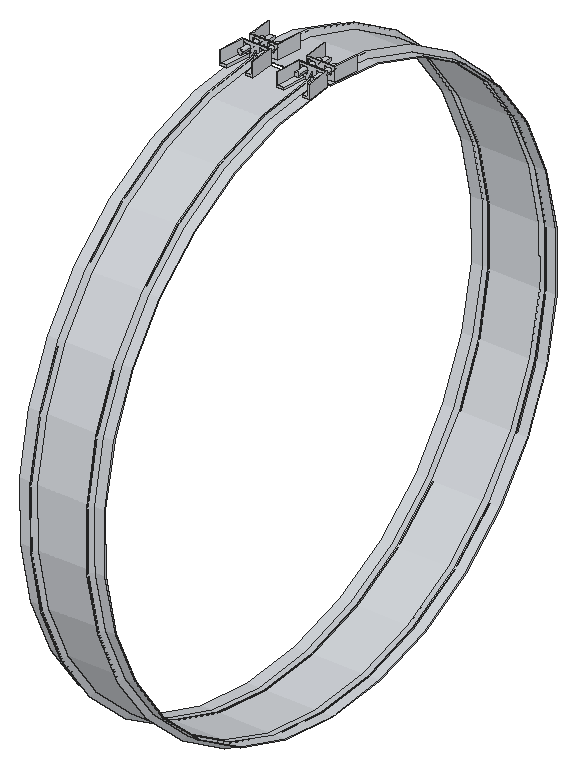
Revit family
Parameters (values of type "DW24DWCLASY-3")
  WALLTHICK = 9/256"  # constant formula
  OD = 30 1/2"
  Model = "DW24DWCLASY-3"
  Manufacturer = "CaptiveAire"
  HALF_ANGLE = 61.813° / 2  # 30.9065°
  Description = "24\" Duct Double Double V Band Horizontal"
  DUCTRAD = DUCTINSIDERAD + 5/16"  # 15 135/256"
  DUCTINSIDERAD = (OD / 2) - 9" / 256  # 15 55/256"
  61.813 = 61.813°  # constant formula
  WIDTH = 4 139/256"  # constant formula
  0 = 0"  # constant formula
  .75 = 3/4"  # constant formula
  .3 = 77/256"  # constant formula
Types (14): name | OD | Model | Description | DUCTRAD | DUCTINSIDERAD
  (no name) | 30 1/2" | "DW24DWCLASY-3" | "24\" Duct Double Double V Band Horizontal" | 15 135/256" | 15 55/256"
  DW08DWCLASY-2 | 12 1/2" | "DW08DWCLASY-2" | "8\" Duct Double Double V Band Horizontal" | 6 135/256" | 6 55/256"
  DW10DWCLASY-2 | 14 1/2" | "DW10DWCLASY-2" | "10\" Duct Double Double V Band Horizontal" | 7 135/256" | 7 55/256"
  DW12DWCLASY-2 | 16 1/2" | "DW12DWCLASY-2" | "12\" Duct Double Double V Band Horizontal" | 8 135/256" | 8 55/256"
  DW14DWCLASY-2 | 18 1/2" | "DW14DWCLASY-2" | "14\" Duct Double Double V Band Horizontal" | 9 135/256" | 9 55/256"
  DW16DWCLASY-2 | 20 1/2" | "DW16DWCLASY-2" | "16\" Duct Double Double V Band Horizontal" | 10 135/256" | 10 55/256"
  DW08DWCLASY-3 | 14 1/2" | "DW08DWCLASY-3" | "8\" Duct Double Double V Band Horizontal" | 7 135/256" | 7 55/256"
  DW10DWCLASY-3 | 16 1/2" | "DW10DWCLASY-3" | "10\" Duct Double Double V Band Horizontal" | 8 135/256" | 8 55/256"
  DW12DWCLASY-3 | 18 1/2" | "DW12DWCLASY-3" | "12\" Duct Double Double V Band Horizontal" | 9 135/256" | 9 55/256"
  DW14DWCLASY-3 | 20 1/2" | "DW14DWCLASY-3" | "14\" Duct Double Double V Band Horizontal" | 10 135/256" | 10 55/256"
  DW16DWCLASY-3 | 22 1/2" | "DW16DWCLASY-3" | "16\" Duct Double Double V Band Horizontal" | 11 135/256" | 11 55/256"
  DW18DWCLASY-3 | 24 1/2" | "DW18DWCLASY-3" | "18\" Duct Double Double V Band Horizontal" | 12 135/256" | 12 55/256"
  DW20DWCLASY-3 | 26 1/2" | "DW20DWCLASY-3" | "20\" Duct Double Double V Band Horizontal" | 13 135/256" | 13 55/256"
  DW24DWCLASY-3 | 30 1/2" | "DW24DWCLASY-3" | "24\" Duct Double Double V Band Horizontal" | 15 135/256" | 15 55/256"
Reference planes (in)
  plane 1 "Center (Front/Back)": y = 0
  plane 2: z = 0.42354
  plane 3 "Center (Left/Right)": x = 1.65975
  plane 4: z = 15.63839
  plane 5: z = 15.95089
  plane 6: x = 0.90975
  plane 7: x = -2.13322
  plane 8: x = -2.88322
  plane 9: z = 15.68839
Forms (in)
  Revolve 1, solid
    sketch origin (2.08329, 0, -1.23621) x (0, 0, 1) y (-1, 0, 0)
      loop
        line (16.87459, 0.42354) -> (16.90975, 0.42354) -> (16.90975, 1.00751) -> (17.18709, 1.17354) -> (16.90975, 1.33957) -> (16.90975, 4.05048) -> (17.18709, 4.21651) -> (16.90975, 4.38254) -> (16.90975, 4.96651) -> (16.87459, 4.96651) -> (16.87459, 4.36261) -> (17.11865, 4.21651) -> (16.87459, 4.07041) -> (16.87459, 1.31964) -> (17.11865, 1.17354) -> (16.87459, 1.02744) -> (16.87459, 0.42354)
      axis (1.65975, 4.96651) -> (1.65975, 0.42354)
    angle from 0 to 359
Dimensions and locks (in)
  ".75": plane 8 to plane 7
  "WALLTHICK": Revolve 1 sketch curve to Revolve 1 sketch curve  (x5)
  "DUCTINSIDERAD": plane 4 to level
  "DUCTRAD": plane 5 to level
  "WIDTH": plane 3 "Center (Left/Right)" to plane 8
  ".75": plane 3 "Center (Left/Right)" to plane 6
  locked: plane 9 to plane 4 at 0.05
  "HALF_ANGLE": angle Revolve 1 sketch curve to plane 7
  "HALF_ANGLE": angle plane 7 to Revolve 1 sketch curve
  "HALF_ANGLE": angle plane 6 to Revolve 1 sketch curve
  "HALF_ANGLE": angle Revolve 1 sketch curve to plane 6
  aligned and locked: level to plane 2
  aligned and locked: Revolve 1 sketch curve to plane 4  (x3)
  aligned and locked: plane 5 to Revolve 1 sketch curve  (x2)
  aligned and locked: plane 6 to Revolve 1 sketch curve  (x2)
  aligned and locked: plane 8 to Revolve 1 sketch curve
  aligned and locked: plane 7 to Revolve 1 sketch curve
  aligned and locked: Revolve 1 sketch curve to Revolve 1 sketch curve  (x2)
  aligned and locked: nested 1 to plane 6
  aligned and locked: nested 2 to plane 7
  aligned and locked: nested 1 to plane 1 "Center (Front/Back)"
  aligned and locked: nested 2 to plane 1 "Center (Front/Back)"
  aligned and locked: nested 2 to plane 9
  aligned and locked: nested 1 to plane 9
Automatic sketch dimensions
  Revolve 1 sketch curve to level = 0"
  Revolve 1 sketch curve to plane 3 "Center (Left/Right)" = 0"
  plane 8 to Revolve 1 sketch curve = 1"
  Revolve 1 sketch curve to Revolve 1 sketch curve = 2 1/4"
Nested families (in)
  nested 1: "DWCLAMPBR-ASY" at (0.90975, -1.84472, 15.26484) x (0, 1, 0) z (0, 0, 1), type "DWCLAMPBR-ASY"
  nested 2: "DWCLAMPBR-ASY" at (-2.13322, -1.84472, 15.26484) x (0, 1, 0) z (0, 0, 1), type "DWCLAMPBR-ASY"
Definition of nested family "DWCLAMPBR-ASY"
  Parameters (values of type "DWCLAMPBR-ASY")
    Model = "DWCLAMPBR-ASY"
    Manufacturer = "CaptiveAire"
    Description = "CLAMP"
    Assembly Code = ""
  Reference planes (in)
    plane 1 "Center (Front/Back)": y = 0
    plane 2: z = 0.42354
    plane 3 "Center (Left/Right)": x = 1.84472
    plane 4: x = 2.09472
    plane 5: x = 1.59472
  Forms (in)
    Extrusion 1, solid
      sketch origin (1.54472, 0.3855, 0.42354) x (0, -1, 0) y (0, 0, 1)
        loop
          circle (-0.04143, 0.44048) r 0.125
        loop
          circle (0.81243, 0.44048) r 0.125
      from -1 to 0.5
  Dimensions and locks (in)
    locked: plane 4 to plane 3 "Center (Left/Right)" at 0.25
    locked: plane 5 to plane 3 "Center (Left/Right)" at 0.25
    aligned and locked: level to plane 2
    aligned and locked: nested 2 to plane 1 "Center (Front/Back)"
    aligned and locked: plane 1 "Center (Front/Back)" to nested 1
    aligned and locked: nested 2 to plane 5
    aligned and locked: nested 1 to plane 4
    aligned and locked: nested 2 to level
    aligned and locked: nested 1 to level
  Nested families (in)
    nested 1: "DWCLAMPBR" at (2.09472, 1.84472, 0) x (0, -1, 0) z (0, 0, 1), type "DW0812ADP"
    nested 2: "DWCLAMPBR" at (1.59472, -1.84472, 0) x (0, 1, 0) z (0, 0, 1), type "DW0812ADP"
  Definition of nested family "DWCLAMPBR"
    Parameters (values of type "DW2024ADP")
      Model = "DWCLAMPBR"
      Manufacturer = "CaptiveAire"
      Description = "DOUBLE WALL CLAMP"
      95.194 = 95.194°  # constant formula
      .375 = 3/8"  # constant formula
    Types (14): name | Model | Description
      (no name) | "DWCLAMPBR" | "DOUBLE WALL CLAMP"
      DW0812ADP | "DW0812ADP" | "8\" - 12\" Duct Adaptor"
      DW1012ADP | "DW1012ADP" | "10\"-12\" Duct Adaptor"
      DW1014ADP | "DW1014ADP" | "10\"-14\" Duct Adaptor"
      DW1214ADP | "DW1214ADP" | "12\"-14\" Duct Adaptor"
      DW1216ADP | "DW1216ADP" | "12\"-16\" Duct Adaptor"
      DW1218ADP | "DW1218ADP" | "12\"-18\" Duct Adaptor"
      DW1416ADP | "DW1416ADP" | "14\"-16\" Duct Adaptor"
      DW1418ADP | "DW1418ADP" | "14\"-18\" Duct Adaptor"
      DW1420ADP | "DW1420ADP" | "14\"-20\" Duct Adaptor"
      DW1620ADP | "DW1620ADP" | "16\"-20\" Duct Adaptor"
      DW1624ADP | "DW1624ADP" | "16\"-24\" Duct Adaptor"
      DW1824ADP | "DW1824ADP" | "18\"-24\" Duct Adaptor"
      DW2024ADP | "DWCLAMPBR" | "DOUBLE WALL CLAMP"
    Reference planes (in)
      plane 1 "Center (Front/Back)": y = 0
      plane 2: z = 0.42354
      plane 3 "Center (Left/Right)": x = 1.84472
      plane 4: x = 2.62474
      plane 5: x = 2.60222
      plane 6: y = 1.346
      plane 7: x = 1.0647
      plane 8: x = 1.08722
    Forms (in)
      Extrusion 1, solid
        sketch origin (0, 0, 0.42354) x (1, 0, 0) y (0, 1, 0)
          loop
            line (2.60222, 0) -> (2.72457, 1.346) -> (0.96487, 1.346) -> (1.08722, 0) -> (2.60222, 0)
        from 0 to 0.75
      Extrusion 2, void
        sketch origin (0, 0, 1.17354) x (0, 1, 0) y (1, 0, 0)
          loop
            line (0.05, 1.45922) -> (1.346, 1.34141) -> (1.346, 2.34803) -> (0.05, 2.23022) -> (0.05, 1.45922)
        from 0 to 0.75
      Extrusion 3, void
        sketch origin (0, 0, 1.17354) x (0, 1, 0) y (1, 0, 0)
          loop
            line (0.05, 1.45922) -> (0.05, 1.1403) -> (1.346, 1.02249) -> (1.346, 1.34141) -> (0.05, 1.45922)
          loop
            line (0.05, 2.23022) -> (1.346, 2.34803) -> (1.346, 2.66695) -> (0.05, 2.54914) -> (0.05, 2.23022)
        from 0 to 0.625
      Extrusion 4, void
        sketch origin (2.60222, 0, 0.42354) x (1, 0, 0) y (0, 0, -1)
          loop
            line (-1.3725, -0.63322) -> (-0.9975, -0.63322) -> (-0.9975, -0.25822) -> (-1.3725, -0.25822) -> (-1.3725, -0.63322)
          loop
            line (-0.97218, 0) -> (-0.7575, -0.46039) -> (-0.51271, 0) -> (-0.97218, 0)
          loop
            line (-0.1425, -0.63322) -> (-0.1425, -0.25822) -> (-0.5175, -0.25822) -> (-0.5175, -0.63322) -> (-0.1425, -0.63322)
        from 0 to 0.625
    Cuts and joins
      Extrusion 2, Extrusion 3, Extrusion 4 cuts Extrusion 1
    Dimensions and locks (in)
      equal spacing: plane 7, plane 3 "Center (Left/Right)", plane 4
      equal spacing: plane 8, plane 3 "Center (Left/Right)", plane 5
      plane 8 to plane 5 to plane 4 = 1.515" locked, 0.02252" locked
      ".375": Extrusion 1 to Extrusion 2 sketch curve  (x2)
      locked: plane 1 "Center (Front/Back)" to Extrusion 2 sketch curve at 0.05
      "95.194": angle Extrusion 1 sketch curve to Extrusion 1 sketch curve
      "95.194": angle plane 1 "Center (Front/Back)" to Extrusion 1 sketch curve
      aligned and locked: level to plane 2
      aligned and locked: Extrusion 1 to Extrusion 2 sketch curve
    Automatic sketch dimensions
      plane 6 to Extrusion 1 sketch curve = 0"
      plane 1 "Center (Front/Back)" to Extrusion 1 sketch curve = 0"
      Extrusion 1 sketch curve to plane 8 = 0"
      Extrusion 1 sketch curve to plane 5 = 0"
      Extrusion 3 sketch curve to Extrusion 1 = 0"  (x2)
      Extrusion 3 sketch curve to Extrusion 1 = 0.05"  (x2)
      Extrusion 3 sketch curve to Extrusion 1 = 0.05739"
      Extrusion 3 sketch curve to Extrusion 3 sketch curve = 0.11781"
      Extrusion 3 sketch curve to Extrusion 3 sketch curve = 0.31892"  (x4)
      Extrusion 3 sketch curve to Extrusion 3 sketch curve = 0.771"
      Extrusion 3 sketch curve to Extrusion 3 sketch curve = 1.00661"
      Extrusion 4 sketch curve to Extrusion 1 = 0"
      Extrusion 1 to Extrusion 4 sketch curve = 0.1425"  (x2)
      Extrusion 4 sketch curve to Extrusion 4 sketch curve = 3/8"
      Extrusion 4 sketch curve to Extrusion 4 sketch curve = 0.02532"
      Extrusion 4 sketch curve to Extrusion 1 = 0.28961"
      Extrusion 4 sketch curve to Extrusion 4 sketch curve = 0.24"  (x2)
      Extrusion 4 sketch curve to Extrusion 1 = 0.11678"  (x2)
      Extrusion 4 sketch curve to Extrusion 4 sketch curve = 0.00479"
      Extrusion 4 sketch curve to Extrusion 1 = 0.25822"  (x2)
